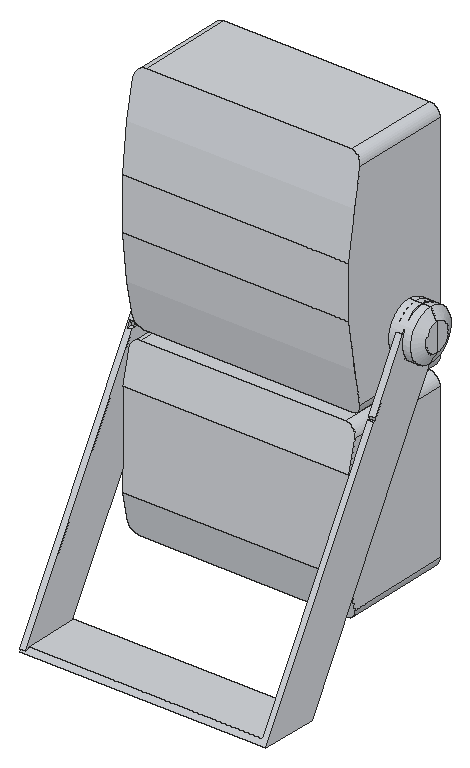
Revit family "Lighting-Floodlights-GEWISS-SMART[PRO]2.0-LED-MEDIUM-POWER_1MODULE_DALI.CLII", category Apparecchi per illuminazione, host Superficie, Revit 2019 (continued)
Types (46, lengths in mm): name | Versions | Unified Glare Rating | Technical sheet | Standard Deviation Colour Matching | Spostamento_x_effettivo | Spostamento_x | Optic : | Optic | Modello | Lumen output (lm) | IPEA | IDT | Efficiency (lm/W) | Descrizione | Colour temperature | Color Rendering Index
  GWP2175LB - SMARTPRO2.0 1M 5700K CRI70 C2 DALI CL2 | "5700K cold light" | "G*6 - ULOR = 0" | "https://www.gewiss.com/ww/en/search?q=GWP2175LB" | "SDCM = 5" | 2938.794 | 1061.206 | "Polished quartz and metallized PC HT reflector" | "C2 - Circular 25°" | "GWP2175LB" | "20000" | "ROAD = A ++ // LARGE AREAS = A5 + // CYCLOPEDONALS = A ++ // GREEN AREAS = A ++ // HISTORICAL CENTER = A7 + // OTHER = A7 +" | "9cba2974a8f345478f12def89d0926a9" | "121" | "SMARTPRO2.0 1M 5700K CRI70 C2 DALI CL2" | "5700K" | "CRI-70"
  GWP2175MB - SMARTPRO2.0 1M 5700K CRI70 C1 DALI CL2 | "5700K cold light" | "G*6 - ULOR = 0" | "https://www.gewiss.com/ww/en/search?q=GWP2175MB" | "SDCM = 5" | 2939 | 1061 | "Polished quartz and metallized PC HT reflector" | "C1 - Circular 30°" | "GWP2175MB" | "20000" | "ROAD = A ++ // LARGE AREAS = A5 + // CYCLOPEDONALS = A ++ // GREEN AREAS = A ++ // HISTORICAL CENTER = A7 + // OTHER = A7 +" | "3ac47b2dc59540cb81c3f71e70175766" | "121" | "SMARTPRO2.0 1M 5700K CRI70 C1 DALI CL2" | "5700K" | "CRI-70"
  GWP2184AB - SMARTPRO2.0 1M 4000K CRI80 S1 DALI CL2 | "4000K natural light" | "G*6 - ULOR = 0" | "https://www.gewiss.com/ww/en/search?q=GWP2184AB" | "SDCM = 3" | 2938.794 | 1061.206 | "Polished quartz and metallized PC HT reflector" | "S1 - Symmetric Wide" | "GWP2184AB" | "18300" | "-" | "ebc6ba0118aa4d34a7cd2d25ca65c4fd" | "111" | "SMARTPRO2.0 1M 4000K CRI80 S1 DALI CL2" | "4000K" | "CRI-80"
  GWP2184BB - SMARTPRO2.0 1M 4000K CRI80 S2 DALI CL2 | "4000K natural light" | "G*6 - ULOR = 0" | "https://www.gewiss.com/ww/en/search?q=GWP2184BB" | "SDCM = 3" | 2938.794 | 1061.206 | "Polished anodised aluminum reflector with 99.99% pure aluminum" | "S2 - Symmetric Medium" | "GWP2184BB" | "19000" | "ROAD = A + // LARGE AREAS = A5 + // CYCLOPEDONALS = A ++ // GREEN AREAS = A ++ // HISTORICAL CENTER = A6 + // OTHER = A6 +" | "a29ca0c47287455b9e39f1260c418c36" | "115" | "SMARTPRO2.0 1M 4000K CRI80 S2 DALI CL2" | "4000K" | "CRI-80"
  GWP2184CB - SMARTPRO2.0 1M 4000K CRI80 A1 DALI CL2 | "4000K natural light" | "G*4 - ULOR = 0" | "https://www.gewiss.com/ww/en/search?q=GWP2184CB" | "SDCM = 3" | 2938.794 | 1061.206 | "Polished quartz and metallized PC HT reflector" | "A1 - Asymmetrical Wide" | "GWP2184CB" | "17800" | "ROAD = A + // LARGE AREAS = A3 + // CYCLOPEDONALS = A + // GREEN AREAS = A + // HISTORICAL CENTER = A5 + // OTHER = A5 +" | "e248e19585ad4a92b93b3edfb9d8f8a9" | "108" | "SMARTPRO2.0 1M 4000K CRI80 A1 DALI CL2" | "4000K" | "CRI-80"
  GWP2184FB - SMARTPRO2.0 1M 4000K CRI80 A2 DALI CL2 | "4000K natural light" | "G*3 - ULOR = 0" | "https://www.gewiss.com/ww/en/search?q=GWP2184FB" | "SDCM = 3" | 2938.794 | 1061.206 | "Polished anodised aluminum reflector with 99.99% pure aluminum" | "A2 - Asymmetrical Medium" | "GWP2184FB" | "15300" | "ROAD = B // LARGE AREAS = A + // CYCLOPEDONALS = B // GREEN AREAS = B // HISTORICAL CENTER = A3 + // OTHER = A3 +" | "3aeba1168f95434f8c20ca6581d2223d" | "93" | "SMARTPRO2.0 1M 4000K CRI80 A2 DALI CL2" | "4000K" | "CRI-80"
  GWP2184GB - SMARTPRO2.0 1M 4000K CRI80 C4 DALI CL2 | "4000K natural light" | "G*6 - ULOR = 0" | "https://www.gewiss.com/ww/en/search?q=GWP2184GB" | "SDCM = 3" | 2938.794 | 1061.206 | "Polished quartz and metallized PC HT reflector" | "C4 - Circular 15°" | "GWP2184GB" | "19100" | "ROAD = A + // LARGE AREAS = A5 + // CYCLOPEDONALS = A ++ // GREEN AREAS = A ++ // HISTORICAL CENTER = A6 + // OTHER = A6 +" | "fca599fbbe5c44c99e879ede29ea7695" | "116" | "SMARTPRO2.0 1M 4000K CRI80 C4 DALI CL2" | "4000K" | "CRI-80"
  GWP2184HB - SMARTPRO2.0 1M 4000K CRI80 C3 DALI CL2 | "4000K natural light" | "G*6 - ULOR = 0" | "https://www.gewiss.com/ww/en/search?q=GWP2184HB" | "SDCM = 3" | 2938.794 | 1061.206 | "Polished quartz and metallized PC HT reflector" | "C3 - Circular 20°" | "GWP2184HB" | "19100" | "ROAD = A + // LARGE AREAS = A5 + // CYCLOPEDONALS = A ++ // GREEN AREAS = A ++ // HISTORICAL CENTER = A6 + // OTHER = A6 +" | "f68c64457f234ebb9e273eadfe1585e1" | "116" | "SMARTPRO2.0 1M 4000K CRI80 C3 DALI CL2" | "4000K" | "CRI-80"
  GWP2184LB - SMARTPRO2.0 1M 4000K CRI80 C2 DALI CL2 | "4000K natural light" | "G*6 - ULOR = 0" | "https://www.gewiss.com/ww/en/search?q=GWP2184LB" | "SDCM = 3" | 2938.794 | 1061.206 | "Polished quartz and metallized PC HT reflector" | "C2 - Circular 25°" | "GWP2184LB" | "18700" | "-" | "510db9cbdeb14a1f88e614680fbdcf41" | "113" | "SMARTPRO2.0 1M 4000K CRI80 C2 DALI CL2" | "4000K" | "CRI-80"
  GWP2184MB - SMARTPRO2.0 1M 4000K CRI80 C1 DALI CL2 | "4000K natural light" | "G*6 - ULOR = 0" | "https://www.gewiss.com/ww/en/search?q=GWP2184MB" | "SDCM = 3" | 2938.794 | 1061.206 | "Polished quartz and metallized PC HT reflector" | "C1 - Circular 30°" | "GWP2184MB" | "18700" | "-" | "2a9b52f1a3f94d8db4f747967887d49b" | "113" | "SMARTPRO2.0 1M 4000K CRI80 C1 DALI CL2" | "4000K" | "CRI-80"
  GWP2173NB - SMARTPRO2.0 1M 3000K CRI70 A3 DALI CL2 | "3000K warm light" | "G*6 - ULOR = 0" | "https://www.gewiss.com/ww/en/search?q=GWP2173NB" | "SDCM = 5" | 2938.794 | 1061.206 | "Polished anodised aluminum reflector with 99.99% pure aluminum" | "A3 - Assymetric Narrow" | "GWP2173NB" | "17600" | "ROAD = A // LARGE AREAS = A3 + // CYCLOPEDONALS = A + // GREEN AREAS = A + // HISTORICAL CENTER = A5 + // OTHER = A5 +" | "1b3eba2f8b794d74accf24dabacc5ce9" | "107" | "SMARTPRO2.0 1M 3000K CRI70 A3 DALI CL2" | "3000K" | "CRI-70"
  GWP2174NB - SMARTPRO2.0 1M 4000K CRI70 A3 DALI CL2 | "4000K natural light" | "G*6 - ULOR = 0" | "https://www.gewiss.com/ww/en/search?q=GWP2174NB" | "SDCM = 5" | 2938.794 | 1061.206 | "Polished anodised aluminum reflector with 99.99% pure aluminum" | "A3 - Assymetric Narrow" | "GWP2174NB" | "18800" | "-" | "8a118fedae504732b077c31655a2cfc8" | "114" | "SMARTPRO2.0 1M 4000K CRI70 A3 DALI CL2" | "4000K" | "CRI-70"
  GWP2175NB - SMARTPRO2.0 1M 5700K CRI70 A3 DALI CL2 | "5700K cold light" | "G*6 - ULOR = 0" | "https://www.gewiss.com/ww/en/search?q=GWP2175NB" | "SDCM = 5" | 2939 | 1061 | "Polished anodised aluminum reflector with 99.99% pure aluminum" | "A3 - Assymetric Narrow" | "GWP2175NB" | "18800" | "-" | "3a5b53dca4b4422f9da79bbcf37e27ab" | "114" | "SMARTPRO2.0 1M 5700K CRI70 A3 DALI CL2" | "5700K" | "CRI-70"
  GWP2184NB - SMARTPRO2.0 1M 4000K CRI80 A3 DALI CL2 | "4000K natural light" | "G*6 - ULOR = 0" | "https://www.gewiss.com/ww/en/search?q=GWP2184NB" | "SDCM = 3" | 2938.794 | 1061.206 | "Polished anodised aluminum reflector with 99.99% pure aluminum" | "A3 - Assymetric Narrow" | "GWP2184NB" | "17600" | "ROAD = A // LARGE AREAS = A3 + // CYCLOPEDONALS = A + // GREEN AREAS = A + // HISTORICAL CENTER = A5 + // OTHER = A5 +" | "44936a2a5e034791af2c92c80339c9aa" | "107" | "SMARTPRO2.0 1M 4000K CRI80 A3 DALI CL2" | "4000K" | "CRI-80"
  GWP2183AB - SMARTPRO2.0 1M 3000K CRI80 S1 DALI CL2 | "3000K warm light" | "G*6 - ULOR = 0" | "https://www.gewiss.com/ww/en/search?q=GWP2183AB" | "SDCM = 3" | 2938.794 | 1061.206 | "Polished quartz and metallized PC HT reflector" | "S1 - Symmetric Wide" | "GWP2183AB" | "17000" | "ROAD = A // LARGE AREAS = A3 + // CYCLOPEDONALS = A // GREEN AREAS = A // HISTORICAL CENTER = A4 + // OTHER = A4 +" | "6945c8575d8646da8a31af0270ac8c5b" | "103" | "SMARTPRO2.0 1M 3000K CRI80 S1 DALI CL2" | "3000K" | "CRI-80"
  GWP2183BB - SMARTPRO2.0 1M 3000K CRI80 S2 DALI CL2 | "3000K warm light" | "G*6 - ULOR = 0" | "https://www.gewiss.com/ww/en/search?q=GWP2183BB" | "SDCM = 3" | 2938.794 | 1061.206 | "Polished anodised aluminum reflector with 99.99% pure aluminum" | "S2 - Symmetric Medium" | "GWP2183BB" | "17600" | "ROAD = A // LARGE AREAS = A3 + // CYCLOPEDONALS = A + // GREEN AREAS = A + // HISTORICAL CENTER = A5 + // OTHER = A5 +" | "59b50f05c63d4d1a94b414dad8fdc0d7" | "107" | "SMARTPRO2.0 1M 3000K CRI80 S2 DALI CL2" | "3000K" | "CRI-80"
  GWP2183CB - SMARTPRO2.0 1M 3000K CRI80 A1 DALI CL2 | "3000K warm light" | "G*4 - ULOR = 0" | "https://www.gewiss.com/ww/en/search?q=GWP2183CB" | "SDCM = 3" | 2938.794 | 1061.206 | "Polished quartz and metallized PC HT reflector" | "A1 - Asymmetrical Wide" | "GWP2183CB" | "16500" | "ROAD = A // LARGE AREAS = A ++ // CYCLOPEDONALS = A // GREEN AREAS = A // HISTORICAL CENTER = A4 + // OTHER = A4 +" | "5e22c3574101407eba6c1e931fedc326" | "100" | "SMARTPRO2.0 1M 3000K CRI80 A1 DALI CL2" | "3000K" | "CRI-80"
  GWP2183FB - SMARTPRO2.0 1M 3000K CRI80 A2 DALI CL2 | "3000K warm light" | "G*3 - ULOR = 0" | "https://www.gewiss.com/ww/en/search?q=GWP2183FB" | "SDCM = 3" | 2938.794 | 1061.206 | "Polished anodised aluminum reflector with 99.99% pure aluminum" | "A2 - Asymmetrical Medium" | "GWP2183FB" | "14200" | "ROAD = C // LARGE AREAS = A + // CYCLOPEDONALS = C // GREEN AREAS = C // HISTORICAL CENTER = A ++ // OTHER = A ++" | "c4545d2269934ee3acbc7c9c04e4d08c" | "86" | "SMARTPRO2.0 1M 3000K CRI80 A2 DALI CL2" | "3000K" | "CRI-80"
  GWP2183GB - SMARTPRO2.0 1M 3000K CRI80 C4 DALI CL2 | "3000K warm light" | "G*6 - ULOR = 0" | "https://www.gewiss.com/ww/en/search?q=GWP2183GB" | "SDCM = 3" | 2938.794 | 1061.206 | "Polished quartz and metallized PC HT reflector" | "C4 - Circular 15°" | "GWP2183GB" | "17800" | "ROAD = A + // LARGE AREAS = A3 + // CYCLOPEDONALS = A + // GREEN AREAS = A + // HISTORICAL CENTER = A5 + // OTHER = A5 +" | "a577a2d4e2af455f8eddfd11a6332555" | "108" | "SMARTPRO2.0 1M 3000K CRI80 C4 DALI CL2" | "3000K" | "CRI-80"
  GWP2183HB - SMARTPRO2.0 1M 3000K CRI80 C3 DALI CL2 | "3000K warm light" | "G*6 - ULOR = 0" | "https://www.gewiss.com/ww/en/search?q=GWP2183HB" | "SDCM = 3" | 2938.794 | 1061.206 | "Polished quartz and metallized PC HT reflector" | "C3 - Circular 20°" | "GWP2183HB" | "17800" | "ROAD = A + // LARGE AREAS = A3 + // CYCLOPEDONALS = A + // GREEN AREAS = A + // HISTORICAL CENTER = A5 + // OTHER = A5 +" | "271c46bef79e4c08a159166f28edfed5" | "108" | "SMARTPRO2.0 1M 3000K CRI80 C3 DALI CL2" | "3000K" | "CRI-80"
  GWP2183LB - SMARTPRO2.0 1M 3000K CRI80 C2 DALI CL2 | "3000K warm light" | "G*6 - ULOR = 0" | "https://www.gewiss.com/ww/en/search?q=GWP2183LB" | "SDCM = 3" | 2938.794 | 1061.206 | "Polished quartz and metallized PC HT reflector" | "C2 - Circular 25°" | "GWP2183LB" | "17400" | "ROAD = A // LARGE AREAS = A3 + // CYCLOPEDONALS = A + // GREEN AREAS = A + // HISTORICAL CENTER = A5 + // OTHER = A5 +" | "c421512efce04ec3ad726cb802a7a4a1" | "105" | "SMARTPRO2.0 1M 3000K CRI80 C2 DALI CL2" | "3000K" | "CRI-80"
  GWP2183MB - SMARTPRO2.0 1M 3000K CRI80 C1 DALI CL2 | "3000K warm light" | "G*6 - ULOR = 0" | "https://www.gewiss.com/ww/en/search?q=GWP2183MB" | "SDCM = 3" | 2938.794 | 1061.206 | "Polished quartz and metallized PC HT reflector" | "C1 - Circular 30°" | "GWP2183MB" | "17400" | "ROAD = A // LARGE AREAS = A3 + // CYCLOPEDONALS = A + // GREEN AREAS = A + // HISTORICAL CENTER = A5 + // OTHER = A5 +" | "23f63de9f2054a699c469bd16c4e05ad" | "105" | "SMARTPRO2.0 1M 3000K CRI80 C1 DALI CL2" | "3000K" | "CRI-80"
  GWP2183NB - SMARTPRO2.0 1M 3000K CRI80 A3 DALI CL2 | "3000K warm light" | "G*6 - ULOR = 0" | "https://www.gewiss.com/ww/en/search?q=GWP2183NB" | "SDCM = 3" | 2938.794 | 1061.206 | "Polished anodised aluminum reflector with 99.99% pure aluminum" | "A3 - Assymetric Narrow" | "GWP2183NB" | "16300" | "ROAD = A // LARGE AREAS = A ++ // CYCLOPEDONALS = A // GREEN AREAS = A // HISTORICAL CENTER = A4 + // OTHER = A4 +" | "b4e268d283b447f6b7dbc49445563f98" | "99" | "SMARTPRO2.0 1M 3000K CRI80 A3 DALI CL2" | "3000K" | "CRI-80"
